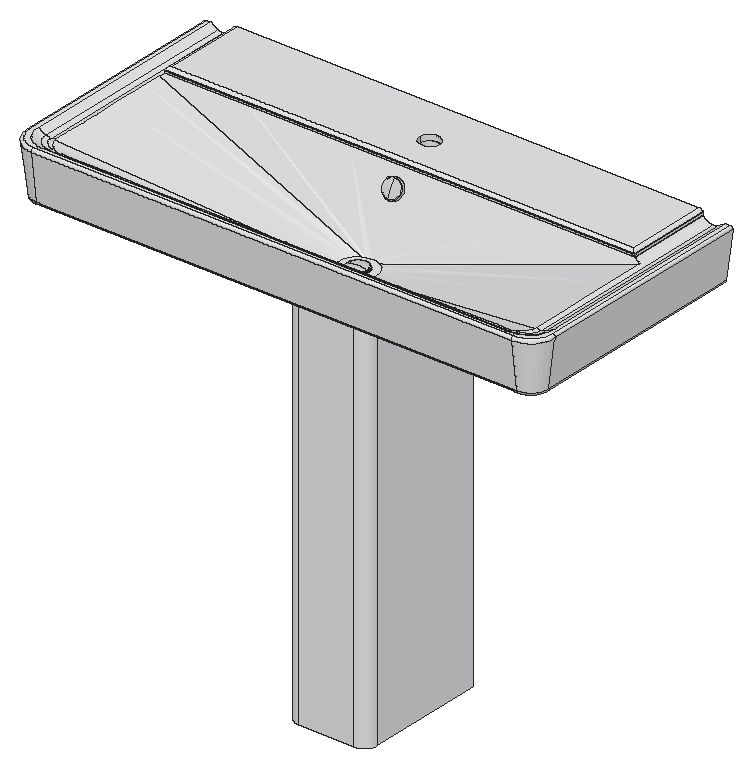
Revit family "Sink-Pedestal-Lavatory-KOHLER-Rêve-K-5149_1", category Plumbing Fixtures, host Face, Revit 2015
Parameters (values of type "Single Faucet Hole, 0-White")
  Width = 18 5/16"  # constant formula
  WaterSense Certified = 1 = 0  # no
  Waste Water Outlet = "Waste Water Outlet"  # constant formula
  Waste Connection = 1 = 1  # yes
  Vent Connection = 1 = 0  # no
  URL = "https://www.us.kohler.com/us/"
  Type = 1
  Single Faucet hole = or(Type = 1)  # yes
  Product Page URL = "http://www.us.kohler.com/us/catalog/productDetails.jsp?productNumber=5149-1"
  Product Name = "Rêve"  # constant formula
  Product Documentation Link = "https://www.us.kohler.com/webassets/kpna/catalog/pdf/en/K-5149-1_spec.pdf"
  Model = if(Type = 1, "K-5149-1-0", if(Type = 2, "K-5149-8-0", "NA"))  # "K-5149-1-0"
  Material = "Fireclay"  # constant formula
  MasterFormat 2004 = "22.41.16"  # constant formula
  MasterFormat 1995 = "15410"  # constant formula
  Manufacturer Address = "444 Highland Dr, Kohler, WI 53044"  # constant formula
  Manufacturer = "KOHLER Co."  # constant formula
  Length = 39 3/8"  # constant formula
  Hot Water Inlet = "Hot Water Inlet"  # constant formula
  Height = 6 5/16"  # constant formula
  HW Connection = 1 = 0  # no
  Finish = Kohler-Fireclay-0-White
  Holes Distance = if(Single Faucet hole, 43", 8")  # 43"
  Environmental Product Declaration = ""
  Drain Included = 1 = 0  # no
  Description = if(Single Faucet hole, "39 inch pedestal bathroom sink with single faucet hole", if([8 inch Widespread Faucet hole], "39 inch pedestal bathroom sink with 8 inch widespread faucet holes", "NA"))  # "39 inch pedestal bathroom sink with single faucet hole"
  Default Elevation = 0"
  Declare Label = ""
  Date Modified = "04/03/2019"  # constant formula
  Date Created = "04/03/2019"  # constant formula
  Copyright = "Copyright KOHLER Co."  # constant formula
  Contact Us = "https://www.us.kohler.com/us/static/contact.jsp"
  Cold Water Inlet = "Cold Water Inlet"  # constant formula
  CW Connection = 1 = 0  # no
  Assembly Code = "D2010400"
  ADA Compliant = 1 = 0  # no
  8 inch Widespread Faucet hole = or(Type = 2)  # no
Types (3): name | Type | Single Faucet hole | Product Page URL | Product Documentation Link | Model | Holes Distance | Description | 8 inch Widespread Faucet hole
  (no name) | 1 | yes | "http://www.us.kohler.com/us/catalog/productDetails.jsp?productNumber=5149-1" | "https://www.us.kohler.com/webassets/kpna/catalog/pdf/en/K-5149-1_spec.pdf" | "K-5149-1-0" | 43" | "39 inch pedestal bathroom sink with single faucet hole" | no
  Single Faucet Hole, 0-White | 1 | yes | "http://www.us.kohler.com/us/catalog/productDetails.jsp?productNumber=5149-1" | "https://www.us.kohler.com/webassets/kpna/catalog/pdf/en/K-5149-1_spec.pdf" | "K-5149-1-0" | 43" | "39 inch pedestal bathroom sink with single faucet hole" | no
  8 inch Widespread Faucet Hole, 0-White | 2 | no | "http://www.us.kohler.com/us/catalog/productDetails.jsp?productNumber=5149-8" | "https://www.us.kohler.com/webassets/kpna/catalog/pdf/en/K-5149-8_spec.pdf" | "K-5149-8-0" | 8" | "39 inch pedestal bathroom sink with 8 inch widespread faucet holes" | yes
Reference planes (in)
  plane 1 "Center (Front/Back)": y = 0
  plane 2: z = 0
  plane 3 "Center (Left/Right)": x = 0
  plane 4: x = 19.6875
  plane 5: x = -19.6875
  plane 6: y = -3.5625
  plane 7: y = -10.3125
  plane 8: y = -6.3125
  plane 9: y = -18.3125
  plane 10: z = 35.5
  plane 11: x = -21.5
  plane 12: x = 21.5
  plane 13: y = -3.39408
  plane 14: y = -13.20658
  plane 15: z = 31.1875
  plane 16: z = 29.1875
  plane 17: x = -3.53125
  plane 18: x = 3.53125
Dimensions and locks (in)
  "Width": plane 9 to plane 1 "Center (Front/Back)"
  "Length": plane 5 to plane 4
  plane 1 "Center (Front/Back)" to plane 6 = 3 9/16"
  plane 1 "Center (Front/Back)" to plane 8 = 6 5/16"
  plane 7 to plane 1 "Center (Front/Back)" = 10 5/16"
  "Holes Distance": plane 11 to plane 12
  equal spacing: plane 11, plane 3 "Center (Left/Right)", plane 12
  plane 13 to plane 14 = 9 13/16"
  plane 18 to plane 17 = 7 1/16"
  "Height": plane 10 to plane 16
  plane 10 to plane 15 = 4 5/16"
  plane 10 to plane 2 = 35 1/2"
  plane 11 to plane 3 "Center (Left/Right)" to plane 12 = 21 1/2", 21 1/2"
  aligned and locked: plane 2 to host face
  aligned and locked: level to host face
  aligned and locked: plane 12 to nested 1
  aligned and locked: plane 11 to nested 1
  aligned and locked: plane 3 "Center (Left/Right)" to nested 1
  aligned and locked: nested 1 to plane 5
  aligned and locked: nested 1 to plane 4
  aligned and locked: plane 1 "Center (Front/Back)" to nested 1
  aligned and locked: nested 1 to plane 10
Automatic sketch dimensions
  host sketch curve to host sketch curve = 96"  (x2)
Nested families (in)
  nested 1: "K-5149" at (0, 0, 0), type "K-5149"
Connectors (in)
  piping at (0, -10.31249, 28.3125), diameter 1.25, driven by "Waste Connection", driven by "Waste Water Outlet"
    settings: on nested 1, index 1, connector inside diameter 24", connector length 0", flow factor 0, pipe flow 0 GPM, pressure drop 0.00 psi, fitting loss kfactor 0, connector angle 0.00°, fixture units 0, engagement length 0", angle of deflection 0.00°, flow configuration 0, flow direction 2, fitting loss method 0, system type 16, joint type 0, gender type 0, connector reference index -1, connector utility 1, adjustable connector no, is connector primary yes, connector description "Waste Water Outlet"
Definition of nested family "K-5149"
  Parameters (values of type "K-5149")
    Material = none
    Hole Alignment = 8"
    Faucet Hole Spacing = 8"
    8" widespread faucet hole = yes
  Reference planes (in)
    plane 1 "Center (Front/Back)": y = 0
    plane 2: z = 0
    plane 3 "Center (Left/Right)": x = 0
    plane 4: x = 19.6875
    plane 5: y = -18.3125
    plane 6: y = -3.5625
    plane 7: y = -10.3125
    plane 8: y = -6.3125
    plane 9: z = 35.5
    plane 10: z = 29.1875
    plane 11: y = -3.39408
    plane 12: y = -13.20658
    plane 13: y = -8.9951
    plane 14: y = -0.9951
    plane 15: z = 31.1875
    plane 16: x = -4
    plane 17: x = 4
    plane 18: x = -19.6875
    plane 19: x = -3.53125
    plane 20: x = 3.53125
  Forms (in)
    Sweep 1, solid, material <- "Material", detail levels medium+fine
      path origin (0, 0, 0) x (1, 0, 0) y (0, 1, 0)
        loop
          line (19.6875, 0) -> (19.6875, -16.51172)
          arc (19.6875, -16.51172) -> (19.16006, -17.78506) -> (17.88672, -18.3125) r 1.80078
          line (17.88672, -18.3125) -> (-17.88672, -18.3125)
          arc (-17.88672, -18.3125) -> (-19.16006, -17.78506) -> (-19.6875, -16.51172) r 1.80078
          line (-19.6875, -16.51172) -> (-19.6875, 0)
      profile origin (-19.6875, -8.25586, 0) x (-1, 0, 0) y (0, 0, 1)
        loop
          line (-1.30703, 31.1875) -> (-0.65674, 31.1875)
          arc (-0.65674, 31.1875) -> (-0.53314, 31.23401) -> (-0.47085, 31.35046) r 0.1875
          line (-0.47085, 31.35046) -> (-0.00152, 34.90604)
          arc (-0.00152, 34.90604) -> (-0.04632, 35.05389) -> (-0.18704, 35.11766) r 0.18713
          line (-0.18704, 35.11766) -> (-0.78825, 35.11766) -> (-1.30703, 31.1875)
    Sweep 2, solid, material <- "Material", detail levels medium+fine
      path origin (0, 0, 0) x (1, 0, 0) y (0, 1, 0)
        loop
          line (17.1875, -0.00025) -> (17.1875, -13.92187)
          arc (17.1875, -13.92187) -> (16.85342, -14.72842) -> (16.04688, -15.0625) r 1.14063
          line (16.04688, -15.0625) -> (-16.1161, -15.0625)
          arc (-16.1161, -15.0625) -> (-16.92265, -14.72842) -> (-17.25673, -13.92187) r 1.14063
          line (-17.25673, -13.92187) -> (-17.25673, 0)
      profile origin (-17.25673, -6.96094, 0) x (-1, 0, 0) y (0, 0, 1)
        loop
          line (-0.00153, 31.1875) -> (-1.0208, 31.1875) -> (-1.0208, 29.1875) -> (-0.60522, 29.1875)
          arc (-0.60522, 29.1875) -> (-0.38705, 29.26799) -> (-0.27342, 29.47089) r 0.33594
          line (-0.27342, 29.47089) -> (-0.00153, 31.1875)
    Sweep 3, solid, material <- "Material", detail levels medium+fine
      path origin (0, -0.06091, 0) x (1, 0, 0) y (0, 1, 0)
        loop
          line (17.49209, 0.06091) -> (17.49209, -6.31409) -> (-17.50701, -6.31409) -> (-17.5039, 0.06091)
      profile origin (-17.50546, -3.1875, 0) x (-1, 0.000488, 0) y (0, 0, 1)
        loop
          line (-0.33302, 35.5) -> (-0.33302, 35.11766) -> (0, 35.11766) -> (0, 35.27099)
          arc (0, 35.27099) -> (-0.00161, 35.28724) -> (-0.00637, 35.30286) r 0.08288
          arc (-0.00637, 35.30286) -> (-0.12437, 35.4462) -> (-0.30205, 35.5) r 0.32031
          line (-0.30205, 35.5) -> (-0.33302, 35.5)
    Extrusion 4, solid, material <- "Material", detail levels medium+fine
      sketch origin (0, 0, 0) x (1, 0, 0) y (0, 1, 0)
        loop
          arc (-16.23593, -13.92187) -> (-16.20083, -14.0066) -> (-16.1161, -14.0417) r 0.11982
          line (-16.1161, -14.0417) -> (16.04688, -14.0417)
          arc (16.04688, -14.0417) -> (16.1316, -14.0066) -> (16.1667, -13.92187) r 0.11982
          line (16.1667, -13.92187) -> (16.1667, -0.00025) -> (-16.23593, -0.00025) -> (-16.23593, -13.92187)
      from 29.1875 to 31.1875
    Extrusion 5, solid, material <- "Material", detail levels medium+fine
      sketch origin (0, 0, 0) x (1, 0, 0) y (0, 1, 0)
        loop
          arc (-18.89925, -16.7125) -> (-18.66149, -17.28649) -> (-18.0875, -17.52425) r 0.81175
          line (-18.0875, -17.52425) -> (18.08594, -17.52425)
          arc (18.08594, -17.52425) -> (18.66104, -17.28604) -> (18.89925, -16.71094) r 0.81331
          line (18.89925, -16.71094) -> (18.89925, 0) -> (-18.89925, 0) -> (-18.89925, -16.7125)
      from 31.1875 to 35.11766
    Extrusion 6, solid, material <- "Material", detail levels medium+fine
      sketch origin (0, 0, 0) x (1, 0, 0) y (0, 1, 0)
        loop
          line (-17.17581, -6.04198) -> (17.16251, -6.04198) -> (17.15957, 0) -> (-17.17287, 0) -> (-17.17581, -6.04198)
      from 35.11766 to 35.5
    Blend 7, void
      base sketch origin (0, 0, 0) x (1, 0, 0) y (0, 1, 0)
        loop
          arc (-0.96941, -11.32127) -> (-0.0013, -11.70764) -> (0.96681, -11.32127) r 1.40608
          arc (0.96681, -11.32127) -> (1.15575, -11.10049) -> (1.29527, -10.84558) r 1.40608
          arc (1.29527, -10.84558) -> (1.33071, -9.85121) -> (0.69913, -9.08236) r 1.40608
          arc (0.69913, -9.08236) -> (-0.0013, -8.89549) -> (-0.70172, -9.08236) r 1.40608
          arc (-0.70172, -9.08236) -> (-1.3333, -9.85121) -> (-1.29786, -10.84558) r 1.40608
          arc (-1.29786, -10.84558) -> (-1.15835, -11.10049) -> (-0.96941, -11.32127) r 1.40608
      top sketch origin (0, 0, 0) x (1, 0, 0) y (0, 1, 0)
        loop
          line (-19.27671, -6.17762) -> (-19.27671, -16.5671)
          arc (-19.27671, -16.5671) -> (-18.95407, -17.34602) -> (-18.17515, -17.66866) r 1.10156
          line (-18.17515, -17.66866) -> (18.17515, -17.66872)
          arc (18.17515, -17.66872) -> (18.95407, -17.34608) -> (19.27671, -16.56716) r 1.10156
          line (19.27671, -16.56716) -> (19.27671, -6.17762) -> (-19.27671, -6.17762)
      from 29.92729 to 35.17632
    Revolve 8, solid, detail levels medium+fine
      sketch origin (-0.0003, -10.31249, 0.00781) x (1, 0, 0) y (0, 0, 1)
        loop
          line (-0.00206, 28.82466) -> (0.13392, 28.82466) -> (0.13392, 29.83122) -> (0.70203, 29.83122) -> (0.72612, 29.85531) -> (0.73365, 29.88551)
          arc (0.73365, 29.88551) -> (0.73053, 29.9002) -> (0.71703, 29.90678) r 0.01713
          line (0.71703, 29.90678) -> (0.68593, 29.90678)
          arc (0.68593, 29.90678) -> (0.67193, 29.91258) -> (0.66614, 29.92657) r 0.01979
          line (0.66614, 29.92657) -> (0.66614, 29.98682)
          arc (0.66614, 29.98682) -> (0.672, 30.00098) -> (0.68617, 30.00685) r 0.02003
          line (0.68617, 30.00685) -> (0.74583, 30.00685)
          arc (0.74583, 30.00685) -> (0.76069, 30.0122) -> (0.76873, 30.02579) r 0.0233
          arc (0.76873, 30.02579) -> (0.76713, 30.04224) -> (0.75422, 30.05256) r 0.02123
          arc (0.75422, 30.05256) -> (0.37967, 30.13072) -> (-0.00206, 30.15681) r 2.78536
          line (-0.00206, 30.15681) -> (-0.00206, 28.82466)
        axis (-0.00206, 28.82466) -> (-0.00206, 30.15681)
      angle from 0 to 360
    Revolve 9, void
      sketch origin (0, -0.04712, 0.54688) x (0, 1, 0) y (0, 0, 1)
        loop
          line (-10.26537, 28.8246) -> (-9.91251, 28.8246) -> (-9.51176, 29.33364)
          arc (-9.51176, 29.33364) -> (-9.46639, 29.37322) -> (-9.40973, 29.39355) r 0.16238
          line (-9.40973, 29.39355) -> (-9.40973, 29.48779) -> (-10.26537, 29.48779) -> (-10.26537, 28.8246)
        axis (-10.26537, 28.8246) -> (-10.26537, 29.48779)
      angle from 0 to 360
    Extrusion 10, solid, material <- "Material", detail levels medium+fine
      sketch origin (0, 0, 0) x (1, 0, 0) y (0, 1, 0)
        loop
          arc (2.04688, -13.20658) -> (2.74293, -12.91826) -> (3.03125, -12.2222) r 0.98438
          line (3.03125, -12.2222) -> (3.03125, -3.39408) -> (2.1658, -3.39408) -> (1.45645, -11.46508) -> (-1.45694, -11.46508) -> (-2.16529, -3.39408) -> (-3.03125, -3.39408) -> (-3.03125, -12.2222)
          arc (-3.03125, -12.2222) -> (-2.74293, -12.91826) -> (-2.04687, -13.20658) r 0.98438
          line (-2.04687, -13.20658) -> (2.04688, -13.20658)
      from 0 to 29.5158
    Revolve 11, solid, material <- "Material", detail levels medium+fine
      sketch origin (-0.00262, -10.31249, -1.5625) x (1, 0, 0) y (0, 0, 1)
        loop
          arc (-1.43069, 29.76553) -> (-1.38047, 29.66538) -> (-1.27596, 29.625) r 0.15544
          line (-1.27596, 29.625) -> (-0.94673, 29.625) -> (-0.94673, 29.875) -> (0.00262, 29.875) -> (0.00262, 30.82606) -> (-1.80304, 31.06431)
          arc (-1.80304, 31.06431) -> (-1.61611, 30.97005) -> (-1.52847, 30.77994) r 0.31758
          line (-1.52847, 30.77994) -> (-1.43069, 29.76553)
        axis (0.00262, 29.625) -> (0.00262, 31.06431)
      angle from 0 to 360
    Extrusion 12, void
      sketch origin (0, 0, 0) x (1, 0, 0) y (0, 1, 0)
        loop
          circle (0, -3.5625) r 0.75
      from 27.91019 to 36.9008
    Extrusion 13, void
      sketch origin (0, 0, 0) x (1, 0, 0) y (0, 1, 0)
        loop
          circle (-4, -3.5625) r 0.75
        loop
          circle (4, -3.5625) r 0.75
      from 28.69623 to 36.81228
    Revolve 14, solid, detail levels medium+fine
      sketch origin (0, 0, 0) x (0, 1, 0) y (0, 0, 1)
        loop
          line (-6.56655, 34.37892) -> (-6.79056, 34.49017)
          arc (-6.79056, 34.49017) -> (-6.80592, 34.49191) -> (-6.81882, 34.4834) r 0.02265
          arc (-6.81882, 34.4834) -> (-7.0131, 34.19873) -> (-7.1839, 33.89938) r 4.28879
          line (-7.1839, 33.89938) -> (-6.89335, 33.74871) -> (-6.56655, 34.37892)
        axis (-6.89335, 33.74871) -> (-7.1839, 33.89938)
      angle from 0 to 360
    Sweep 15, void
      path origin (0, 0, 0) x (1, 0, 0) y (0, 1, 0)
        loop
          line (19.14605, 0) -> (19.14605, -16.03559)
          arc (19.14605, -16.03559) -> (18.61884, -17.30838) -> (17.34605, -17.83559) r 1.8
          line (17.34605, -17.83559) -> (-17.36011, -17.83559)
          arc (-17.36011, -17.83559) -> (-18.6329, -17.30838) -> (-19.16011, -16.03559) r 1.8
          line (-19.16011, -16.03559) -> (-19.16011, 0)
      profile origin (19.14605, -8.01779, 0) x (1, 0, 0) y (0, 0, 1)
        loop
          arc (-1.65396, 35.12488) -> (-1.64837, 35.09323) -> (-1.63228, 35.0654) r 0.09242
          arc (-1.63228, 35.0654) -> (-1.29604, 34.80814) -> (-0.8825, 34.71741) r 0.97623
          arc (-0.8825, 34.71741) -> (-0.69424, 34.73748) -> (-0.51412, 34.79583) r 0.91573
          arc (-0.51412, 34.79583) -> (-0.07647, 35.03624) -> (0.31391, 35.34758) r 2.92515
          line (0.31391, 35.34758) -> (-1.65396, 35.34758) -> (-1.65396, 35.12488)
    Extrusion 16, solid, material <- "Material", detail levels coarse
      sketch origin (0, 0, 0) x (1, 0, 0) y (0, 1, 0)
        loop
          line (-3.53125, -4.32952) -> (-3.53125, -13.20658) -> (3.53125, -13.20658) -> (3.53125, -4.32952) -> (-3.53125, -4.32952)
      from 0 to 29.50181
    Extrusion 17, solid, material <- "Material", detail levels coarse
      sketch origin (0, 0, 0) x (1, 0, 0) y (0, 1, 0)
        loop
          line (-17.25519, 0) -> (-17.25519, -15.07952) -> (17.24481, -15.07952) -> (17.24481, 0) -> (-17.25519, 0)
      from 29.1875 to 31.1875
    Extrusion 18, solid, material <- "Material", detail levels coarse
      sketch origin (0, 0, 0) x (1, 0, 0) y (0, 1, 0)
        loop
          line (-19.6875, 0) -> (-19.6875, -18.3125) -> (19.6875, -18.3125) -> (19.6875, 0) -> (-19.6875, 0)
      from 31.1875 to 35.11766
    Extrusion 19, void
      sketch origin (0, 0, 0) x (1, 0, 0) y (0, 1, 0)
        loop
          line (-17.90728, -6.39177) -> (-17.90728, -17.24752) -> (18.05564, -17.24752) -> (18.05564, -6.39177) -> (-17.90728, -6.39177)
      from 31.54328 to 35.11766
    Extrusion 20, solid, material <- "Material", detail levels coarse
      sketch origin (0, 0, 0) x (1, 0, 0) y (0, 1, 0)
        loop
          line (-17.98932, -0.00281) -> (-17.98932, -6.39177) -> (18.05564, -6.39177) -> (18.05564, -0.00281) -> (-17.98932, -0.00281)
      from 35.11766 to 35.5
    Extrusion 21, void
      sketch origin (0, 0, 0) x (1, 0, 0) y (0, 0, 1)
        loop
          line (-6.78125, 29.1875) -> (6.71202, 29.1875) -> (6.71202, 30.1875)
          arc (6.71202, 30.1875) -> (6.19946, 31.42494) -> (4.96202, 31.9375) r 1.75
          line (4.96202, 31.9375) -> (-5.03125, 31.9375)
          arc (-5.03125, 31.9375) -> (-6.26869, 31.42494) -> (-6.78125, 30.1875) r 1.75
          line (-6.78125, 30.1875) -> (-6.78125, 29.1875)
      from 0 to 7.75463
  Cuts and joins
    Extrusion 12, Extrusion 13 cuts Sweep 3
    Extrusion 12, Extrusion 13 cuts Extrusion 6
    joined: Sweep 3, Extrusion 6
    Extrusion 21 cuts Revolve 8
    Extrusion 21 cuts Revolve 14
    joined: Revolve 8, Revolve 14
    Extrusion 19 cuts Extrusion 16
    Extrusion 12, Extrusion 13, Extrusion 19 cuts Extrusion 17
    Extrusion 12, Extrusion 13, Extrusion 19 cuts Extrusion 18
    Extrusion 12, Extrusion 13 cuts Extrusion 20
    joined: Extrusion 16, Extrusion 17, Extrusion 18, Extrusion 20
    Extrusion 21 cuts Revolve 11
    Blend 7, Revolve 9, Extrusion 12, Extrusion 13, Sweep 15, Extrusion 19, Extrusion 21 cuts Sweep 1
    Revolve 9, Extrusion 12, Extrusion 13, Extrusion 21 cuts Sweep 2
    Blend 7, Revolve 9, Extrusion 12, Extrusion 13, Extrusion 21 cuts Extrusion 4
    Blend 7, Revolve 9, Extrusion 12, Extrusion 13, Sweep 15, Extrusion 21 cuts Extrusion 5
    Extrusion 12, Extrusion 13, Extrusion 21 cuts Extrusion 10
    joined: Sweep 1, Sweep 2, Extrusion 4, Extrusion 5, Extrusion 10
  Lines and regions (in)
    Masking region 1
      outline origin (0, 0, 0) x (1, 0, 0) y (0, 1, 0)
        loop
          arc (-19.6875, -16.72656) -> (-19.22299, -17.84799) -> (-18.10156, -18.3125) r 1.58594
          line (-18.10156, -18.3125) -> (18.1004, -18.3125)
          arc (18.1004, -18.3125) -> (19.22265, -17.84765) -> (19.6875, -16.7254) r 1.5871
          line (19.6875, -16.7254) -> (19.6875, 0) -> (-19.6875, 0) -> (-19.6875, -16.72656)
    Masking region 2
      outline origin (0, 0, 0) x (1, 0, 0) y (0, 0, 1)
        loop
          line (-3.53125, 29.1875) -> (-3.53125, 0) -> (3.53125, 0) -> (3.53125, 29.1875) -> (16.60846, 29.1875)
          arc (16.60846, 29.1875) -> (16.82863, 29.27026) -> (16.93977, 29.47757) r 0.33424
          line (16.93977, 29.47757) -> (17.21059, 31.1875) -> (19.03076, 31.1875)
          arc (19.03076, 31.1875) -> (19.15436, 31.23401) -> (19.21665, 31.35046) r 0.1875
          line (19.21665, 31.35046) -> (19.68598, 34.90604)
          arc (19.68598, 34.90604) -> (19.64118, 35.05389) -> (19.50046, 35.11766) r 0.18713
          line (19.50046, 35.11766) -> (17.99367, 35.11766)
          arc (17.99367, 35.11766) -> (17.95118, 35.2272) -> (17.84376, 35.27479) r 0.15383
          arc (17.84376, 35.27479) -> (-0.00073, 35.5) -> (-17.84523, 35.27476) r 707.02054
          arc (-17.84523, 35.27476) -> (-17.95212, 35.22709) -> (-17.99365, 35.11766) r 0.15234
          line (-17.99365, 35.11766) -> (-19.50046, 35.11766)
          arc (-19.50046, 35.11766) -> (-19.64118, 35.05389) -> (-19.68598, 34.90604) r 0.18713
          line (-19.68598, 34.90604) -> (-19.21665, 31.35046)
          arc (-19.21665, 31.35046) -> (-19.15436, 31.23401) -> (-19.03076, 31.1875) r 0.1875
          line (-19.03076, 31.1875) -> (-17.25519, 31.1875) -> (-16.98326, 29.47056)
          arc (-16.98326, 29.47056) -> (-16.86956, 29.26788) -> (-16.65151, 29.1875) r 0.33594
          line (-16.65151, 29.1875) -> (-3.53125, 29.1875)
    Masking region 3
      outline origin (0, 0, 0) x (0, 1, 0) y (0, 0, 1)
        loop
          line (-3.39408, 29.1875) -> (0, 29.1875) -> (0, 35.5) -> (-6.16302, 35.27642)
          arc (-6.16302, 35.27642) -> (-6.27034, 35.22772) -> (-6.31245, 35.11766) r 0.1551
          line (-6.31245, 35.11766) -> (-18.12537, 35.11766)
          arc (-18.12537, 35.11766) -> (-18.26608, 35.05389) -> (-18.31089, 34.90604) r 0.18713
          line (-18.31089, 34.90604) -> (-17.84155, 31.35046)
          arc (-17.84155, 31.35046) -> (-17.77927, 31.23401) -> (-17.65567, 31.1875) r 0.1875
          line (-17.65567, 31.1875) -> (-15.10113, 31.1875) -> (-14.8303, 29.47757)
          arc (-14.8303, 29.47757) -> (-14.71916, 29.27026) -> (-14.49899, 29.1875) r 0.33424
          line (-14.49899, 29.1875) -> (-13.20658, 29.1875) -> (-13.20658, 0) -> (-3.39408, 0) -> (-3.39408, 29.1875)
    symbolic lines, detail levels medium+fine
      curve 1: line (19.27148, 0, 0) -> (19.27148, -16.78963, 0)
      curve 2: line (-18.14648, -17.91463, 0) -> (18.14648, -17.91463, 0)
      curve 3: arc (18.14648, -17.91463, 0) -> (18.94197, -17.58513, 0) -> (19.27148, -16.78963, 0) r 1.125
      curve 4: line (17.99215, -5.81226, 0) -> (17.98932, -0.00281, 0)
      curve 5: line (17.49215, -6.3125, 0) -> (-17.49215, -6.3125, 0)
      curve 6: arc (17.49215, -6.3125, 0) -> (17.84579, -6.16597, 0) -> (17.99215, -5.81226, 0) r 0.5
      curve 7: circle (0, -10.3125, 0) r 0.77079 normal (0, 0, -1)
      curve 8: circle (0, -10.3125, 0) r 1.5 normal (0, 0, 1)
      curve 9: line (17.49215, -6.3125, 0) -> (3.59039, -7.75272, 0)
      curve 10: line (19.0109, -17.50964, 0) -> (6.28456, -14.01761, 0)
      curve 11: circle (0, -3.5625, 0) r 0.75 normal (0, 0, 1)
      curve 14: line (-18.00709, 0, 35.11766) -> (17.99291, 0, 35.11766)
      curve 15: line (-17.16776, 0, 31.1875) -> (17.16776, 0, 31.1875)
      curve 16: line (-3.53125, 0, 29.1875) -> (3.53125, 0, 29.1875)
      curve 17: line (0, -15.10113, 31.1875) -> (0, 0, 31.1875)
      curve 18: line (0, -16.61861, 35.11766) -> (0, -0.00304, 35.11766)
      curve 19: line (0, -13.39408, 29.1875) -> (0, -3.39408, 29.1875)
      curve 20: line (-19.27148, 0, 0) -> (-19.27148, -16.78963, 0)
      curve 21: arc (-18.14648, -17.91463, 0) -> (-18.94197, -17.58513, 0) -> (-19.27148, -16.78963, 0) r 1.125
      curve 22: line (-17.99215, -5.81226, 0) -> (-17.98932, -0.00281, 0)
      curve 23: arc (-17.49215, -6.3125, 0) -> (-17.84579, -6.16597, 0) -> (-17.99215, -5.81226, 0) r 0.5
      curve 24: line (-17.49215, -6.3125, 0) -> (-3.59039, -7.75272, 0)
      curve 25: line (-19.0109, -17.50964, 0) -> (-6.28456, -14.01761, 0)
      curve 26: arc (-6.28456, -14.01761, 0) -> (0, -13.17103, 0) -> (6.28456, -14.01761, 0) r 23.75
      curve 27: arc (3.59039, -7.75272, 0) -> (0, -7.91185, 0) -> (-3.59039, -7.75272, 0) r 40.58287
      curve 28: line (-17.84523, 0, 35.27476) -> (17.84523, 0, 35.27476)
      curve 29: spline (-0.70866, -7.04743, 0) -> (-0.68451, -7.12175, 0) -> (-0.61372, -7.191, 0) -> (-0.5011, -7.25047, 0) -> (-0.35433, -7.2961, 0) -> (-0.18342, -7.32479, 0) -> (0, -7.33457, 0) -> (0.18342, -7.32479, 0) -> (0.35433, -7.2961, 0) -> (0.5011, -7.25047, 0) -> (0.61372, -7.191, 0) -> (0.68451, -7.12175, 0) -> (0.70866, -7.04743, 0) -> (0.68451, -6.97312, 0) -> (0.61372, -6.90387, 0) -> (0.5011, -6.8444, 0) -> (0.35433, -6.79877, 0) -> (0.18342, -6.77008, 0) -> (0, -6.7603, 0) -> (-0.18342, -6.77008, 0) -> (-0.35433, -6.79877, 0) -> (-0.5011, -6.8444, 0) -> (-0.61372, -6.90387, 0) -> (-0.68451, -6.97312, 0) -> (-0.70866, -7.04743, 0)
    symbolic lines, visible <- "8" widespread faucet hole", detail levels medium+fine
      curve 12: circle (-4, -3.5625, 0) r 0.75 normal (0, 0, 1)
      curve 13: circle (4, -3.5625, 0) r 0.75 normal (0, 0, 1)
  Dimensions and locks (in)
    plane 5 to plane 1 "Center (Front/Back)" = 18 5/16"
    plane 6 to plane 1 "Center (Front/Back)" = 3 9/16"
    plane 7 to plane 1 "Center (Front/Back)" = 10 5/16"
    plane 8 to plane 1 "Center (Front/Back)" = 6 5/16"
    plane 9 to plane 2 = 35 1/2"
    plane 9 to plane 10 = 6 5/16"
    plane 11 to plane 12 = 9 13/16"
    plane 10 to plane 2 = 29 3/16"
    "Hole Alignment": plane 14 to plane 13
    plane 9 to plane 15 = 4 5/16"
    "Faucet Hole Spacing": plane 16 to plane 17
    equal spacing: plane 16, plane 3 "Center (Left/Right)", plane 17, locked at 4 each
    plane 18 to plane 4 = 39 3/8"
    plane 19 to plane 20 = 7 1/16"
    aligned and locked: plane 2 to level
    aligned and locked: plane 6 to Extrusion 13 sketch curve  (x2)
    aligned and locked: plane 16 to Extrusion 13 sketch curve
    aligned and locked: plane 17 to Extrusion 13 sketch curve
  Automatic sketch dimensions
    profile plane to Sweep 1 sketch curve = 1.30703"
    Sweep 1 sketch curve to Sweep 1 sketch curve = 0.65029"
    profile plane to Sweep 1 sketch curve = 0.78825"
    Sweep 1 sketch curve to Sweep 1 sketch curve = 0.18589"
    profile plane to Sweep 1 sketch curve = 0.18704"
    profile plane to Sweep 1 sketch curve = 0.00152"
    level to Sweep 1 sketch curve = 31 3/16"
    Sweep 1 sketch curve to Sweep 1 sketch curve = 0.16296"
    Sweep 1 sketch curve to Sweep 1 sketch curve = 3.55558"
    Sweep 1 sketch curve to Sweep 1 sketch curve = 0.02449"
    Extrusion 5 sketch curve to Extrusion 5 sketch curve = 0.81175"
    Extrusion 5 sketch curve to plane 4 = 1 77/128"
    Extrusion 5 sketch curve to plane 4 = 0.78825"
    plane 5 to Extrusion 5 sketch curve = 0.78825"
    plane 1 "Center (Front/Back)" to Extrusion 5 sketch curve = 0"
    Extrusion 6 sketch curve to plane 8 = 0.27052"
    plane 1 "Center (Front/Back)" to Extrusion 6 sketch curve = 0"
    Extrusion 6 sketch curve to plane 4 = 2.52793"
    Extrusion 6 sketch curve to plane 4 = 2.52499"
    Extrusion 12 sketch curve to plane 3 "Center (Left/Right)" = 0"
    plane 6 to Extrusion 12 sketch curve = 0"
    Revolve 8 sketch curve to plane 3 "Center (Left/Right)" = 0.00096"
    plane 3 "Center (Left/Right)" to Revolve 8 sketch curve = 0.66584"
    Revolve 8 sketch curve to Revolve 8 sketch curve = 0.01979"
    Revolve 8 sketch curve to Revolve 8 sketch curve = 0.02003"
    Revolve 8 sketch curve to Revolve 8 sketch curve = 0.0161"
    Revolve 8 sketch curve to Revolve 8 sketch curve = 0.0311"
    Revolve 8 sketch curve to Revolve 8 sketch curve = 0.02409"  (x2)
    Revolve 8 sketch curve to Revolve 8 sketch curve = 0.01662"
    Revolve 8 sketch curve to Revolve 8 sketch curve = 0.05966"
    Revolve 8 sketch curve to Revolve 8 sketch curve = 0.00263"
    Revolve 8 sketch curve to plane 10 = 0.65154"
    Revolve 8 sketch curve to Revolve 8 sketch curve = 0.0302"
    Revolve 8 sketch curve to Revolve 8 sketch curve = 0.00414"
    Revolve 8 sketch curve to Revolve 8 sketch curve = 0.06025"
    Revolve 8 sketch curve to Revolve 8 sketch curve = 0.0233"
    Revolve 8 sketch curve to Revolve 8 sketch curve = 0.00198"
    Revolve 8 sketch curve to Revolve 8 sketch curve = 1.33214"
    Revolve 8 sketch curve to plane 3 "Center (Left/Right)" = 0.00236"  (x2)
    Revolve 8 sketch curve to Revolve 8 sketch curve = 0.13598"
    Revolve 8 sketch curve to Revolve 8 sketch curve = 0"
    plane 10 to Revolve 8 sketch curve = 0.35503"
    Revolve 8 sketch curve to Revolve 8 sketch curve = 1.08212"
    Revolve 8 sketch curve to Revolve 8 sketch curve = 0.04359"
    plane 10 to Revolve 11 sketch curve = 0.00054"
    Revolve 11 sketch curve to plane 10 = 0.31431"
    Revolve 11 sketch curve to Revolve 11 sketch curve = 0.04154"
    Revolve 11 sketch curve to plane 10 = 0.02994"
    Revolve 11 sketch curve to Revolve 11 sketch curve = 0.09778"
    Revolve 11 sketch curve to Revolve 11 sketch curve = 0.32924"
    Revolve 11 sketch curve to Revolve 11 sketch curve = 0"
    Revolve 11 sketch curve to plane 3 "Center (Left/Right)" = 0"
    Revolve 11 sketch curve to Revolve 11 sketch curve = 0.11342"
    Revolve 11 sketch curve to Revolve 11 sketch curve = 0.19936"
    Revolve 11 sketch curve to plane 10 = 0.07606"
    Revolve 11 sketch curve to Revolve 11 sketch curve = 1.53109"
    plane 1 "Center (Front/Back)" to Sweep 1 sketch curve = 0"  (x2)
    Sweep 1 sketch curve to plane 4 = 0"
    Sweep 1 sketch curve to plane 5 = 0"
    plane 5 to Sweep 1 sketch curve = 1 205/256"  (x2)
    Masking region 1 sketch curve to plane 4 = 0"
    plane 1 "Center (Front/Back)" to Masking region 1 sketch curve = 0"
    Masking region 1 sketch curve to Masking region 1 sketch curve = 1 75/128"
    Masking region 1 sketch curve to plane 5 = 0"
    Masking region 1 sketch curve to plane 4 = 1.5871"
    Blend 7 sketch curve to Blend 7 sketch curve = 0"  (x31)
    Blend 7 sketch curve to plane 3 "Center (Left/Right)" = 0.0013"
    plane 7 to Blend 7 sketch curve = 0.01094"
    Blend 7 sketch curve to plane 3 "Center (Left/Right)" = 0.70172"
    Blend 7 sketch curve to plane 3 "Center (Left/Right)" = 0.96941"
    Blend 7 sketch curve to Blend 7 sketch curve = 0.32846"  (x2)
    plane 3 "Center (Left/Right)" to Blend 7 sketch curve = 0.69913"
    plane 3 "Center (Left/Right)" to Blend 7 sketch curve = 0.96681"
    Blend 7 sketch curve to plane 7 = 0.53309"
    Sweep 1 sketch curve to plane 3 "Center (Left/Right)" = 17 227/256"
    Extrusion 5 sketch curve to plane 3 "Center (Left/Right)" = 18.0875"
    Extrusion 6 sketch curve to plane 3 "Center (Left/Right)" = 17.17287"
    Extrusion 6 sketch curve to Extrusion 6 sketch curve = 0.00294"
    Masking region 1 sketch curve to plane 3 "Center (Left/Right)" = 18 13/128"
    Revolve 8 sketch curve to Revolve 8 sketch curve = 1.45322"
    Revolve 11 sketch curve to Revolve 11 sketch curve = 0.15472"
    plane 10 to Revolve 11 sketch curve = 7/8"
    Revolve 11 sketch curve to Revolve 11 sketch curve = 0.09456"
    Revolve 11 sketch curve to Revolve 11 sketch curve = 0.01491"
    Sweep 3 sketch curve to Sweep 3 sketch curve = 0.21917"
    Sweep 3 sketch curve to Sweep 3 sketch curve = 0.03097"
    Sweep 3 sketch curve to profile plane = 0"
    Sweep 3 sketch curve to Sweep 3 sketch curve = 0.06203"
    Sweep 3 sketch curve to Sweep 3 sketch curve = 41/128"
    profile plane to Sweep 3 sketch curve = 0.08288"
    level to Sweep 3 sketch curve = 35.11766"
    Sweep 3 sketch curve to Sweep 3 sketch curve = 0.15333"
    plane 1 "Center (Front/Back)" to Sweep 15 sketch curve = 0"  (x2)
    Sweep 15 sketch curve to plane 18 = 0.52739"
    Sweep 15 sketch curve to Sweep 15 sketch curve = 1.8"
    plane 5 to Sweep 15 sketch curve = 0.47691"
    Sweep 15 sketch curve to plane 4 = 2.34145"
    Sweep 15 sketch curve to plane 12 = 2.82901"
    plane 1 "Center (Front/Back)" to Sweep 3 sketch curve = 0"  (x2)
    plane 8 to Sweep 3 sketch curve = 1/16"
    Sweep 3 sketch curve to plane 18 = 2.18049"
    Sweep 3 sketch curve to plane 4 = 2.19541"
    Sweep 3 sketch curve to plane 18 = 2 47/256"
    profile plane to Sweep 15 sketch curve = 1.65396"
    Sweep 15 sketch curve to Sweep 15 sketch curve = 0.09242"
    Sweep 15 sketch curve to Sweep 15 sketch curve = 0.76891"
    Sweep 15 sketch curve to Sweep 15 sketch curve = 0.00016"
    Sweep 15 sketch curve to Sweep 15 sketch curve = 0.28556"
    Sweep 15 sketch curve to Sweep 15 sketch curve = 0.06051"
    Sweep 15 sketch curve to Sweep 15 sketch curve = 0"  (x3)
    Sweep 15 sketch curve to profile plane = 0.31391"
    profile plane to Sweep 15 sketch curve = 1.69849"
    level to Sweep 15 sketch curve = 35.12488"
    Sweep 15 sketch curve to Sweep 15 sketch curve = 0.2227"
    Blend 7 sketch curve to plane 18 = 0.41079"
    Blend 7 sketch curve to plane 18 = 1.51235"
    Blend 7 sketch curve to Blend 7 sketch curve = 1 13/128"
    plane 5 to Blend 7 sketch curve = 0.64378"
    Blend 7 sketch curve to plane 4 = 1.51235"
    Blend 7 sketch curve to plane 4 = 0.41079"
    plane 5 to Blend 7 sketch curve = 0.64384"
    Blend 7 sketch curve to plane 8 = 0.13488"
    Sweep 2 sketch curve to plane 12 = 0.7153"  (x2)
    Sweep 2 sketch curve to plane 18 = 2.43077"  (x2)
    Sweep 2 sketch curve to Sweep 2 sketch curve = 1 9/64"  (x3)
    Sweep 2 sketch curve to Sweep 2 sketch curve = 0"  (x2)
    Sweep 2 sketch curve to plane 4 = 3 41/64"
    plane 1 "Center (Front/Back)" to Sweep 2 sketch curve = 0"
    plane 1 "Center (Front/Back)" to Sweep 2 sketch curve = 0.00025"
    Extrusion 16 sketch curve to plane 12 = 0"
    Extrusion 16 sketch curve to plane 19 = 0"
    Extrusion 16 sketch curve to plane 20 = 0"
    plane 11 to Extrusion 16 sketch curve = 0.93544"
    plane 1 "Center (Front/Back)" to Extrusion 17 sketch curve = 0"
    Extrusion 17 sketch curve to plane 18 = 2.43231"
    Extrusion 17 sketch curve to plane 4 = 2.44269"
    Extrusion 17 sketch curve to plane 12 = 1.87294"
    Extrusion 18 sketch curve to plane 5 = 0"
    Extrusion 18 sketch curve to plane 18 = 0"
    Extrusion 18 sketch curve to plane 4 = 0"
    Extrusion 18 sketch curve to plane 1 "Center (Front/Back)" = 0"
    Extrusion 19 sketch curve to plane 18 = 1.78022"
    Extrusion 19 sketch curve to plane 4 = 1.63186"
    plane 5 to Extrusion 19 sketch curve = 1.06498"
    plane 8 to Extrusion 19 sketch curve = 0.07927"
    plane 8 to Extrusion 20 sketch curve = 0.07927"
    Extrusion 20 sketch curve to plane 18 = 1.69818"
    Extrusion 20 sketch curve to plane 4 = 1.63186"
    plane 1 "Center (Front/Back)" to Extrusion 20 sketch curve = 0.00281"
    curve 17 to plane 15 = 0"
    plane 10 to curve 19 = 0"
    curve 19 to plane 11 = 0"
    curve 17 to plane 1 "Center (Front/Back)" = 0"
    curve 19 to plane 12 = 3/16"
    curve 17 to plane 12 = 1 229/256"
    plane 9 to curve 18 = 0.38234"
    plane 5 to curve 18 = 1.69389"
    plane 1 "Center (Front/Back)" to curve 18 = 0.00304"
    Masking region 3 sketch curve to plane 15 = 0"
    plane 10 to Masking region 3 sketch curve = 0"  (x2)
    Masking region 3 sketch curve to plane 12 = 0"
    Masking region 3 sketch curve to level = 0"
    Masking region 3 sketch curve to plane 11 = 0"
    Masking region 3 sketch curve to plane 1 "Center (Front/Back)" = 0"
    plane 9 to Masking region 3 sketch curve = 0"
    Masking region 3 sketch curve to plane 12 = 1.29241"
    Masking region 3 sketch curve to plane 10 = 0.29007"
    Masking region 3 sketch curve to Masking region 3 sketch curve = 0.33131"
    Masking region 3 sketch curve to Masking region 3 sketch curve = 0.27083"
    plane 5 to Masking region 3 sketch curve = 0.65683"
    plane 15 to Masking region 3 sketch curve = 0.16296"
    Masking region 3 sketch curve to Masking region 3 sketch curve = 0.18589"
    plane 5 to Masking region 3 sketch curve = 0.18713"
    plane 5 to Masking region 3 sketch curve = 0.00161"
    Masking region 3 sketch curve to plane 8 = 0.14948"
    plane 9 to Masking region 3 sketch curve = 0.59396"
    Masking region 3 sketch curve to Masking region 3 sketch curve = 0.02449"
    Masking region 3 sketch curve to plane 8 = 0.00005"
    Masking region 3 sketch curve to Masking region 3 sketch curve = 0.00375"
    Masking region 3 sketch curve to Masking region 3 sketch curve = 0.155"
    Masking region 2 sketch curve to plane 15 = 0"  (x2)
    Masking region 2 sketch curve to plane 10 = 0"  (x2)
    Masking region 2 sketch curve to plane 19 = 0"
    plane 3 "Center (Left/Right)" to Masking region 2 sketch curve = 0"
    Masking region 2 sketch curve to level = 0"
    Masking region 2 sketch curve to plane 20 = 0"
    Masking region 2 sketch curve to plane 10 = 43/128"
    Masking region 2 sketch curve to plane 18 = 3.03599"
    Masking region 2 sketch curve to plane 10 = 0.28306"
    Masking region 2 sketch curve to Masking region 2 sketch curve = 0.27194"
    plane 9 to Masking region 2 sketch curve = 0.37754"
    Masking region 2 sketch curve to plane 18 = 1.84612"
    Masking region 2 sketch curve to plane 18 = 0.65674"
    plane 15 to Masking region 2 sketch curve = 0.16296"  (x2)
    Masking region 2 sketch curve to Masking region 2 sketch curve = 0.18589"
    Masking region 2 sketch curve to plane 18 = 0.18704"
    Masking region 2 sketch curve to plane 18 = 0.00152"
    Masking region 2 sketch curve to plane 4 = 3.07904"
    Masking region 2 sketch curve to plane 10 = 0.29007"
    Masking region 2 sketch curve to Masking region 2 sketch curve = 0.33131"
    Masking region 2 sketch curve to Masking region 2 sketch curve = 0.27083"
    plane 9 to Masking region 2 sketch curve = 0.37899"
    Masking region 2 sketch curve to plane 4 = 1.84762"
    Masking region 2 sketch curve to Masking region 2 sketch curve = 0.15379"
    plane 15 to Masking region 2 sketch curve = 3/16"
    Masking region 2 sketch curve to plane 4 = 0.65674"
    Masking region 2 sketch curve to plane 4 = 0.18704"
    Masking region 2 sketch curve to plane 4 = 0.00152"
    Masking region 2 sketch curve to level = 671.52054"
    plane 9 to Masking region 2 sketch curve = 0.59396"  (x2)
    Masking region 2 sketch curve to Masking region 2 sketch curve = 0.02449"  (x2)
    Masking region 2 sketch curve to Masking region 2 sketch curve = 0"
    Masking region 2 sketch curve to Masking region 2 sketch curve = 0.15227"
    curve 15 to plane 15 = 0"
    curve 16 to plane 10 = 0"
    curve 16 to plane 19 = 0"
    curve 16 to plane 20 = 0"
    curve 15 to plane 18 = 2.51974"
    plane 9 to curve 28 = 0.22524"
    curve 28 to plane 18 = 1.84227"
    curve 14 to curve 28 = 0.16186"
    curve 15 to plane 4 = 2.51974"
    curve 28 to plane 4 = 1.84227"
    curve 28 to curve 14 = 0.14768"
    curve 14 to curve 28 = 0.1571"
    plane 8 to Revolve 14 sketch curve = 0.8714"
    Revolve 14 sketch curve to Revolve 14 sketch curve = 0.29055"
    plane 8 to Revolve 14 sketch curve = 0.48814"
    Revolve 14 sketch curve to Revolve 14 sketch curve = 0.01008"
    Revolve 14 sketch curve to Revolve 14 sketch curve = 0.22402"
    Revolve 14 sketch curve to plane 11 = 0.01769"
    plane 15 to Revolve 14 sketch curve = 0.73789"
    plane 9 to Revolve 14 sketch curve = 1.75129"
    Revolve 14 sketch curve to Revolve 14 sketch curve = 0.15067"
    Revolve 14 sketch curve to Revolve 14 sketch curve = 0.09096"
    Revolve 14 sketch curve to Revolve 14 sketch curve = 0.02029"
    Revolve 14 sketch curve to Revolve 14 sketch curve = 0.08524"
    Revolve 14 sketch curve to Revolve 14 sketch curve = 0.08081"
    Revolve 14 sketch curve to Revolve 14 sketch curve = 0.06456"
    Revolve 14 sketch curve to Revolve 14 sketch curve = 0.0419"
    Extrusion 21 sketch curve to plane 10 = 0"
    Extrusion 21 sketch curve to plane 10 = 1"  (x2)
    plane 19 to Extrusion 21 sketch curve = 3 1/4"
    plane 15 to Extrusion 21 sketch curve = 3/4"
    plane 20 to Extrusion 21 sketch curve = 1.43077"
    plane 11 to Extrusion 10 sketch curve = 0"  (x2)
    Extrusion 10 sketch curve to plane 12 = 0"
    Extrusion 10 sketch curve to plane 19 = 1/2"
    Extrusion 10 sketch curve to Extrusion 10 sketch curve = 0.86596"
    plane 12 to Extrusion 10 sketch curve = 63/64"
    Extrusion 10 sketch curve to Extrusion 10 sketch curve = 0.58994"
    plane 3 "Center (Left/Right)" to Extrusion 10 sketch curve = 2 3/64"
    Extrusion 10 sketch curve to Extrusion 10 sketch curve = 0.59043"
    Extrusion 10 sketch curve to plane 20 = 1.36545"
    Extrusion 10 sketch curve to plane 20 = 1/2"
    Extrusion 10 sketch curve to Extrusion 10 sketch curve = 0.75713"
    profile plane to Sweep 2 sketch curve = 1.0208"
    Sweep 2 sketch curve to Sweep 2 sketch curve = 0.41558"
    profile plane to Sweep 2 sketch curve = 35/128"
    profile plane to Sweep 2 sketch curve = 0.00153"
    level to Sweep 2 sketch curve = 29 3/16"
    Sweep 2 sketch curve to Sweep 2 sketch curve = 0.28339"
    Sweep 2 sketch curve to Sweep 2 sketch curve = 1 85/128"
    Extrusion 4 sketch curve to plane 12 = 0.7153"  (x2)
    Extrusion 4 sketch curve to Extrusion 4 sketch curve = 0.11982"
    Extrusion 4 sketch curve to plane 4 = 3 41/64"
    plane 1 "Center (Front/Back)" to Extrusion 4 sketch curve = 0.00025"
    Extrusion 4 sketch curve to Extrusion 4 sketch curve = 32.40263"
    Extrusion 4 sketch curve to Extrusion 4 sketch curve = 0"  (x2)
    Extrusion 4 sketch curve to plane 12 = 0.83512"
    Extrusion 4 sketch curve to plane 18 = 3.5714"
    Extrusion 4 sketch curve to plane 18 = 3.45157"
    plane 7 to Revolve 9 sketch curve = 0"  (x2)
    Revolve 9 sketch curve to Revolve 9 sketch curve = 0.35286"
    Revolve 9 sketch curve to Revolve 9 sketch curve = 0.40075"
    Revolve 9 sketch curve to Revolve 9 sketch curve = 0.10203"
    Revolve 9 sketch curve to Revolve 9 sketch curve = 0.12759"
    Revolve 9 sketch curve to plane 10 = 0.18397"
    Revolve 9 sketch curve to plane 10 = 0.59257"
    Revolve 9 sketch curve to Revolve 9 sketch curve = 0.10045"
    Revolve 9 sketch curve to Revolve 9 sketch curve = 0.66319"
    Revolve 9 sketch curve to Revolve 9 sketch curve = 0.20786"
    Revolve 9 sketch curve to Revolve 9 sketch curve = 0.1465"
    curve 7 to curve 8 = 0"  (x2)
    plane 1 "Center (Front/Back)" to curve 20 = 0"
    plane 8 to curve 24 = 0"
    plane 6 to curve 12 = 0"
    curve 26 to plane 3 "Center (Left/Right)" = 0"
    curve 27 to plane 3 "Center (Left/Right)" = 0"
    curve 7 to plane 3 "Center (Left/Right)" = 0"
    curve 29 to plane 3 "Center (Left/Right)" = 0"
    curve 11 to plane 3 "Center (Left/Right)" = 0"
    plane 6 to curve 13 = 0"
    plane 1 "Center (Front/Back)" to curve 1 = 0"
    curve 7 to plane 7 = 0"
    plane 6 to curve 11 = 0"
    plane 19 to curve 24 = 0.05914"
    plane 19 to curve 12 = 15/32"
    curve 25 to plane 12 = 0.81103"
    plane 19 to curve 25 = 2.75331"
    curve 23 to plane 8 = 1/2"
    curve 23 to plane 18 = 2.19535"
    curve 22 to plane 8 = 0.50024"
    curve 21 to plane 18 = 1.54102"
    curve 20 to plane 18 = 0.41602"
    plane 20 to curve 9 = 0.05914"
    plane 20 to curve 13 = 15/32"
    curve 10 to plane 12 = 0.81103"
    curve 9 to plane 4 = 2.19535"
    curve 4 to plane 8 = 0.50024"
    curve 6 to curve 4 = 1/2"
    plane 5 to curve 2 = 0.39787"
    curve 2 to plane 4 = 1.54102"
    curve 1 to plane 4 = 0.41602"
    curve 26 to plane 5 = 18.60853"
    plane 8 to curve 9 = 1.44022"
    curve 27 to plane 1 "Center (Front/Back)" = 32.67102"
    plane 1 "Center (Front/Back)" to curve 22 = 0.00281"
    curve 20 to curve 22 = 1.28216"
    curve 25 to plane 18 = 0.6766"
    plane 1 "Center (Front/Back)" to curve 4 = 0.00281"
    curve 4 to curve 1 = 1.28216"
    curve 10 to plane 4 = 0.6766"
    curve 29 to curve 29 = 0.70866"
    plane 8 to curve 29 = 0.73493"
    radius of Extrusion 12 sketch curve = 3/4"
    radius of curve 7 = 0.77079"
    radius of curve 8 = 1 1/2"
    radius of curve 11 = 3/4"
    radius of curve 12 = 3/4"
    radius of curve 13 = 3/4"
    radius of Extrusion 13 sketch curve = 3/4"  (x2)
